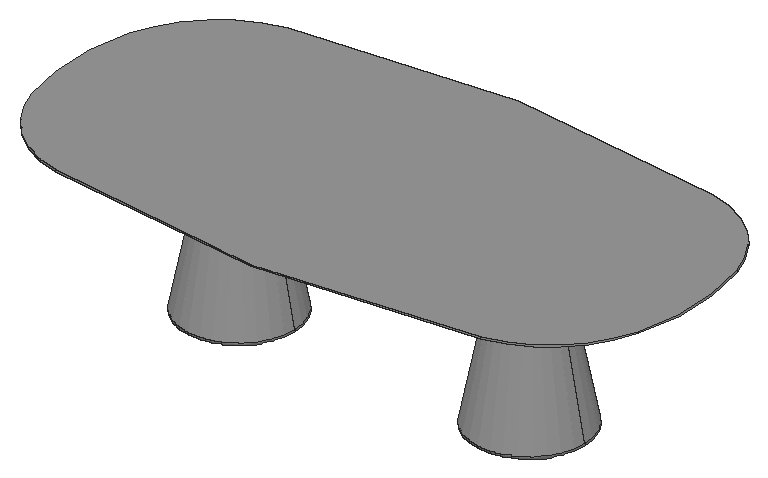
Revit family "Andreu World Reverse Conference ME5018", category Mobiliario, Revit 2014
Parameters (values of type "ME-5018 2800x1500 Lacquered")
  URL = "http://www.andreuworld.com/"
  Top Thickness = 30 mm
  Top Material = Andreu World Lacquered
  Top Length = 2800 mm
  Top Base = 715 mm
  Top Width = 1500 mm
  Top = yes
  Reference = "ME-5018"
  R Base = 250 mm
  Modelo = "Reverse Conference"
  Height = 715 mm
  Fabricante = "Andreu World"
  Descripción = "Table"
  Dekton Width = 1440 mm
  Base Material = Andreu World Thermo-polymer White
  Base Height [instance] = 715 mm
Reference planes
  plane 1 "Centro (Frontal/Posterior)": y = 0
  plane 2: z = 0
  plane 3 "Base Height": z = 715
  plane 4: z = 510
  plane 5: z = 10
  plane 6 "Top thickness": z = 745
  plane 7: z = 738
  plane 8 "Glass": z = 750
  plane 9: x = 897.159
  plane 10: x = -502.841
  plane 11: y = 750
  plane 12: x = 2297.159
  plane 13: y = -750
  plane 14: y = 680
  plane 15: x = 2227.159
  plane 16: y = -680
  plane 17: x = -432.841
  plane 18: y = 720
  plane 19: y = -720
  plane 20: y = 650
  plane 21: y = -650
  plane 22: x = 247.159
  plane 23: x = 1547.159
Forms (mm)
  Revolve 1, solid, material "Andreu World Thermo-polymer White" <- "Base Material", detail levels medium+fine
    sketch origin (-40, 0, 0) x (1, 0, 0) y (0, 0, 1)
      loop
        line (287.159, 715) -> (287.159, 0) -> (527.497, 0)
        arc (527.497, 0) -> (534.895, 3.506) -> (536.866, 11.451) r 9.558
        line (536.866, 11.451) -> (437.159, 510) -> (437.159, 715) -> (287.159, 715)
      axis (287.159, 715) -> (287.159, 0)
    angle from 0 to 360
  Revolve 2, solid, material "Andreu World Thermo-polymer White" <- "Base Material", detail levels medium+fine
    sketch origin (1834.318, 0, 0) x (-1, 0, 0) y (0, 0, -1)
      loop
        line (287.159, -715) -> (437.159, -715) -> (437.159, -510) -> (536.866, -11.451)
        arc (536.866, -11.451) -> (534.895, -3.506) -> (527.497, 0) r 9.558
        line (527.497, 0) -> (287.159, 0) -> (287.159, -715)
      axis (287.159, -715) -> (287.159, 0)
    angle from 0 to 360
  Extrusion 3, solid, material "Andreu World Lacquered" <- "Top Material", visible <- "Top", detail levels medium+fine
    sketch origin (0, 0, 715) x (-1, 0, 0) y (0, -1, 0)
      loop
        arc (41.839, -582.279) -> (263.705, -467.845) -> (395.676, -255.942) r 470
        arc (395.676, -255.942) -> (432.816, 0) -> (395.676, 255.942) r 900.453
        arc (395.676, 255.942) -> (263.705, 467.845) -> (41.839, 582.279) r 470
        arc (41.839, 582.279) -> (-897.159, 680) -> (-1836.157, 582.279) r 4560.264
        arc (-1836.157, 582.279) -> (-2058.023, 467.845) -> (-2189.995, 255.942) r 470
        arc (-2189.995, 255.942) -> (-2227.135, 0) -> (-2189.995, -255.942) r 900.453
        arc (-2189.995, -255.942) -> (-2058.023, -467.845) -> (-1836.157, -582.279) r 470
        arc (-1836.157, -582.279) -> (-897.159, -680) -> (41.839, -582.279) r 4560.264
    from 0 to 30
  Sweep 4, solid, material "Andreu World Lacquered" <- "Top Material", visible <- "Top", detail levels medium+fine
    path in 3D
      loop
        arc (-41.839, -582.279, 745) -> (-263.705, -467.845, 745) -> (-395.676, -255.942, 745) r 470
        arc (-395.676, -255.942, 745) -> (-432.816, 0, 745) -> (-395.676, 255.942, 745) r 900.453
        arc (-395.676, 255.942, 745) -> (-263.705, 467.845, 745) -> (-41.839, 582.279, 745) r 470
        arc (-41.839, 582.279, 745) -> (897.159, 680, 745) -> (1836.157, 582.279, 745) r 4560.264
        arc (1836.157, 582.279, 745) -> (2058.023, 467.845, 745) -> (2189.995, 255.942, 745) r 470
        arc (2189.995, 255.942, 745) -> (2227.135, 0, 745) -> (2189.995, -255.942, 745) r 900.453
        arc (2189.995, -255.942, 745) -> (2058.023, -467.845, 745) -> (1836.157, -582.279, 745) r 470
        arc (1836.157, -582.279, 745) -> (897.159, -680, 745) -> (-41.839, -582.279, 745) r 4560.264
    profile origin (897.159, -680, 745) x (0, -1, 0) y (0, 0, 1)
      loop
        line (0, -30) -> (70, -7) -> (70, 0) -> (0, 0) -> (0, -30)
Cuts and joins
  joined: Extrusion 3, Sweep 4
Lines and regions (mm)
  model lines, detail levels coarse+medium
    curve 1: circle (247.159, 0, 0) r 250 normal (0, 0, 1)
    curve 2: circle (1547.159, 0, 0) r 250 normal (0, 0, -1)
  sketch lines
    curve 3: arc (1836.157, -582.279, 745) -> (897.159, -680, 745) -> (-41.839, -582.279, 745) r 4560.264
    curve 4: arc (2189.995, -255.942, 745) -> (2058.023, -467.845, 745) -> (1836.157, -582.279, 745) r 470
    curve 5: arc (2189.995, 255.942, 745) -> (2227.135, 0, 745) -> (2189.995, -255.942, 745) r 900.453
    curve 6: arc (1836.157, 582.279, 745) -> (2058.023, 467.845, 745) -> (2189.995, 255.942, 745) r 470
    curve 7: arc (-41.839, 582.279, 745) -> (897.159, 680, 745) -> (1836.157, 582.279, 745) r 4560.264
    curve 8: arc (-395.676, 255.942, 745) -> (-263.705, 467.845, 745) -> (-41.839, 582.279, 745) r 470
    curve 9: arc (-395.676, -255.942, 745) -> (-432.816, 0, 745) -> (-395.676, 255.942, 745) r 900.453
    curve 10: arc (-41.839, -582.279, 745) -> (-263.705, -467.845, 745) -> (-395.676, -255.942, 745) r 470
  model lines, visible <- "Top", detail levels coarse+medium
    curve 11: arc (1850.547, -650.565, 0) -> (897.121, -749.783, 0) -> (-56.303, -650.549, 0) r 4630.162
    curve 12: arc (2256.98, -275.762, 0) -> (2105.381, -519.137, 0) -> (1850.547, -650.565, 0) r 539.885
    curve 13: arc (1850.547, 650.565, 0) -> (2105.381, 519.137, 0) -> (2256.98, 275.762, 0) r 539.885
    curve 14: arc (-56.304, 650.549, 0) -> (897.121, 749.783, 0) -> (1850.547, 650.565, 0) r 4630.162
    curve 15: arc (-463.132, 274.83, 0) -> (-311.534, 518.796, 0) -> (-56.304, 650.549, 0) r 540.127
    curve 16: arc (-463.132, -274.826, 0) -> (-502.856, 0.002, 0) -> (-463.132, 274.83, 0) r 970.548
    curve 17: arc (-56.303, -650.549, 0) -> (-311.534, -518.794, 0) -> (-463.132, -274.826, 0) r 540.126
    curve 19: arc (2257.91, -273.117, 0) -> (2297.134, 1.151, 0) -> (2257.26, 275.325, 0) r 970.453
  model lines, not visible, detail levels coarse+medium
    curve 18: arc (-463.631, -273.128, 0) -> (-296.249, -531.702, 0) -> (-14.733, -656.705, 0) r 540.021
Dimensions and locks
  locked: plane 5 to level at 10
  "Height": plane 3 "Base Height" to level
  plane 3 "Base Height" to plane 4 = 205 mm
  "Top Thickness": plane 6 "Top thickness" to plane 3 "Base Height"
  locked: plane 6 "Top thickness" to plane 7 at 7
  plane 8 "Glass" to plane 6 "Top thickness" = 5 mm
  "Top Width": plane 11 to plane 13
  equal spacing: plane 11, plane 1 "Centro (Frontal/Posterior)", plane 13
  "Top Length": plane 10 to plane 12
  equal spacing: plane 10, plane 9, plane 12
  locked: plane 10 to plane 17 at 70
  locked: plane 15 to plane 12 at 70
  locked: plane 16 to plane 13 at 70
  locked: plane 11 to plane 14 at 70
  "Base Height": plane 3 "Base Height" to level
  "Dekton Width": plane 19 to plane 18
  equal spacing: plane 19, plane 1 "Centro (Frontal/Posterior)", plane 18
  locked: plane 19 to plane 21 at 70
  locked: plane 20 to plane 18 at 70
  plane 10 to plane 22 = 750 mm
  plane 23 to plane 12 = 750 mm
  "R Base": radius of curve 1
  "R Base": radius of curve 2
  aligned and locked: level to plane 2
  aligned and locked: plane 3 "Base Height" to Revolve 1 sketch curve
  aligned and locked: Revolve 1 sketch curve to level
  aligned and locked: Revolve 1 sketch curve to Revolve 1 sketch curve
  aligned and locked: Revolve 2 sketch curve to Revolve 2 sketch curve
  aligned and locked: Sweep 4 sketch curve to profile plane  (x2)
Automatic sketch dimensions
  Revolve 1 sketch curve to plane 22 = 0 mm
  Revolve 1 sketch curve to plane 4 = 0 mm
  Revolve 1 sketch curve to level = 0 mm
  Revolve 1 sketch curve to plane 3 "Base Height" = 0 mm
  plane 22 to Revolve 1 sketch curve = 150 mm
  Revolve 1 sketch curve to Revolve 1 sketch curve = 240.338 mm
  plane 5 to Revolve 1 sketch curve = 1.451 mm
  Revolve 1 sketch curve to Revolve 1 sketch curve = 9.369 mm
  Revolve 2 sketch curve to plane 3 "Base Height" = 0 mm  (x2)
  plane 23 to Revolve 2 sketch curve = 0 mm
  Revolve 2 sketch curve to plane 4 = 0 mm
  Revolve 2 sketch curve to level = 0 mm  (x2)
  plane 23 to Revolve 2 sketch curve = 150 mm
  plane 23 to Revolve 2 sketch curve = 240.338 mm
  plane 5 to Revolve 2 sketch curve = 1.451 mm
  Revolve 2 sketch curve to Revolve 2 sketch curve = 9.369 mm
  Extrusion 3 sketch curve to plane 9 = 0 mm  (x2)
  Extrusion 3 sketch curve to plane 22 = 192.221 mm  (x2)
  Extrusion 3 sketch curve to plane 1 "Centro (Frontal/Posterior)" = 122.351 mm  (x2)
  Extrusion 3 sketch curve to Extrusion 3 sketch curve = 0 mm  (x8)
  plane 1 "Centro (Frontal/Posterior)" to Extrusion 3 sketch curve = 0 mm  (x2)
  plane 22 to Extrusion 3 sketch curve = 220.477 mm
  plane 1 "Centro (Frontal/Posterior)" to Extrusion 3 sketch curve = 122.351 mm  (x2)
  plane 11 to Extrusion 3 sketch curve = 3130.264 mm
  Extrusion 3 sketch curve to plane 23 = 192.221 mm
  plane 23 to Extrusion 3 sketch curve = 220.477 mm
  Extrusion 3 sketch curve to plane 13 = 3130.264 mm
  Extrusion 3 sketch curve to plane 21 = 67.721 mm
  Sweep 4 sketch curve to profile plane = 70 mm
  Sweep 4 sketch curve to profile plane = 7 mm
  Sweep 4 sketch curve to profile plane = 30 mm
  plane 1 "Centro (Frontal/Posterior)" to curve 1 = 0 mm
  curve 1 to plane 22 = 0 mm
  plane 1 "Centro (Frontal/Posterior)" to curve 2 = 0 mm
  curve 2 to plane 23 = 0 mm
  curve 17 to plane 22 = 192.237 mm
  curve 15 to plane 22 = 192.238 mm
  curve 18 to curve 17 = 0.36 mm
  plane 9 to curve 14 = 0 mm
  plane 9 to curve 11 = 0.001 mm
  curve 13 to plane 23 = 192.221 mm
  curve 12 to plane 23 = 192.221 mm
  plane 1 "Centro (Frontal/Posterior)" to curve 18 = 121.149 mm
  curve 17 to curve 18 = 0.851 mm
  plane 1 "Centro (Frontal/Posterior)" to curve 12 = 122.25 mm
  curve 14 to plane 13 = 3130.379 mm
  curve 13 to plane 1 "Centro (Frontal/Posterior)" = 122.249 mm
  plane 11 to curve 11 = 3130.379 mm
  plane 21 to curve 18 = 6.705 mm
  curve 18 to plane 22 = 261.892 mm
  curve 11 to curve 17 = 0 mm
  curve 14 to curve 15 = 0 mm
  curve 15 to plane 17 = 30.292 mm
  curve 18 to curve 16 = 0.499 mm
  curve 13 to curve 14 = 0 mm
  curve 12 to curve 11 = 0 mm
  plane 15 to curve 13 = 29.821 mm
  plane 15 to curve 12 = 29.821 mm
  curve 13 to curve 19 = 0.28 mm
  curve 12 to curve 19 = 0.93 mm
  curve 15 to plane 1 "Centro (Frontal/Posterior)" = 121.998 mm
  curve 16 to plane 1 "Centro (Frontal/Posterior)" = 0.004 mm
  plane 22 to curve 16 = 220.532 mm
  curve 18 to plane 17 = 30.79 mm
